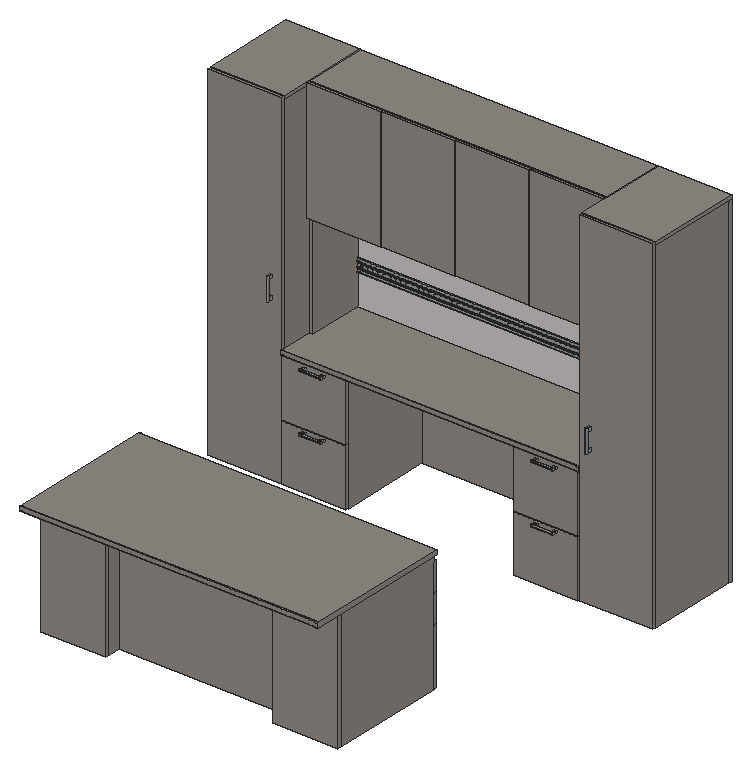
Revit family "JSI-Vision-Typical_Veneer-VSV104", category Furniture, Revit 2020 (continued)
Definition of nested family "JSI-Vision-Wardrobe"
  Dimensions and locks (in)
    aligned and locked: Extrusion 7 to plane 38
    aligned and locked: Extrusion 8 to plane 38
    aligned and locked: plane 43 to Extrusion 9 sketch curve
    aligned and locked: Extrusion 9 sketch curve to plane 42
    aligned and locked: plane 9 to Extrusion 9 sketch curve
    aligned and locked: Extrusion 9 sketch curve to plane 7
    aligned and locked: Extrusion 9 to plane 15
    aligned and locked: plane 16 to Extrusion 9
    aligned and locked: plane 45 to Extrusion 7
    aligned and locked: plane 45 to Extrusion 8
    aligned and locked: Extrusion 11 sketch curve to plane 23
    aligned and locked: plane 24 to Extrusion 11 sketch curve
    aligned and locked: plane 9 to Extrusion 11 sketch curve
    aligned and locked: Extrusion 11 sketch curve to plane 11
    aligned and locked: plane 13 to Extrusion 11
    aligned and locked: plane 13 to Extrusion 12
    aligned and locked: Extrusion 10 to plane 9
    aligned and locked: plane 50 to nested 3
    aligned and locked: plane 49 to nested 2
    aligned and locked: plane 48 to nested 3
    aligned and locked: plane 48 to nested 2
    aligned and locked: plane 43 to Extrusion 10
    aligned and locked: plane 43 to Extrusion 13
    aligned and locked: Extrusion 13 to plane 9
    aligned and locked: plane 40 to nested 3
    aligned and locked: plane 40 to nested 2
    aligned and locked: Extrusion 16 sketch curve to plane 29
    aligned and locked: plane 30 to Extrusion 16 sketch curve
    aligned and locked: plane 9 to Extrusion 16 sketch curve
    aligned and locked: Extrusion 16 sketch curve to plane 11
    aligned and locked: plane 13 to Extrusion 16
    aligned and locked: Extrusion 17 sketch curve to plane 51
    aligned and locked: plane 52 to Extrusion 17 sketch curve
    aligned and locked: Extrusion 17 sketch curve to plane 11
    aligned and locked: plane 9 to Extrusion 17 sketch curve
    aligned and locked: plane 13 to Extrusion 17
    aligned and locked: plane 53 to Extrusion 12
    aligned and locked: plane 53 to Extrusion 11
    aligned and locked: plane 53 to Extrusion 17
    aligned and locked: plane 53 to Extrusion 16
    aligned and locked: curve 1 to Extrusion 4
    aligned and locked: curve 2 to Extrusion 4
    aligned and locked: curve 3 to Extrusion 4
    aligned and locked: curve 4 to Extrusion 4
    aligned and locked: curve 5 to Extrusion 7
    aligned and locked: curve 6 to Extrusion 7
    aligned and locked: curve 7 to Extrusion 7
    aligned and locked: curve 8 to Extrusion 7
    aligned and locked: curve 9 to Extrusion 8
    aligned and locked: curve 10 to Extrusion 8
    aligned and locked: curve 11 to Extrusion 8
    aligned and locked: curve 12 to Extrusion 8
  Automatic sketch dimensions
    Extrusion 12 sketch curve to plane 46 = 0"
    Extrusion 12 sketch curve to plane 47 = 0"
    Extrusion 10 sketch curve to Extrusion 10 sketch curve = 3/4"
    Extrusion 13 sketch curve to Extrusion 13 sketch curve = 3/4"
    Extrusion 14 sketch curve to Extrusion 14 sketch curve = 3/4"
    Extrusion 15 sketch curve to Extrusion 15 sketch curve = 3/4"
    Extrusion 18 sketch curve to Extrusion 18 sketch curve = 3/4"
  Nested families (in)
    nested 1: "Label 1-16 OH" at (17.9375, -23.875, 0), type "OH DOORS"
    nested 2: "Vertical Bar Pull" at (20.5, -23.875, 41.84375), Pull Finish <- "Pull Finish", visible <- "Right Door", type "PL"
      with Pull Finish none
    nested 3: "Vertical Bar Pull" at (15.375, -23.875, 41.84375), Pull Finish <- "Pull Finish", visible <- "Left Door", type "PL"
      with Pull Finish none
  Definition of nested family "Vertical Bar Pull"
    Parameters
      Pull Finish [instance] = none
      Default Elevation = 0"
    Reference planes (in)
      plane 1 "Center Front/Back": y = 0
      plane 2: z = 0
      plane 3 "Center Left/Right": x = 0
      plane 4: x = -2.68731
      plane 5: x = -1.88731
      plane 6: x = 2.68731
      plane 7: x = 1.88731
      plane 8: y = -1
      plane 9: y = -0.85202
      plane 10: z = 2.68731
      plane 11: z = 1.88731
      plane 12: z = -1.88731
      plane 13: z = -2.68731
    Forms (in)
      Extrusion 1, solid, material <- "Pull Finish"
        sketch origin (0, 0, 0) x (0, 1, 0) y (-1, 0, 0)
          loop
            line (0, -0.2015) -> (0, 0.2015) -> (-0.85202, 0.2015)
            arc (-0.85202, 0.2015) -> (-0.75, 0) -> (-0.85202, -0.2015) r 0.25
            line (-0.85202, -0.2015) -> (0, -0.2015)
        from 1.88731 to 2.68731
      Extrusion 2, solid, material <- "Pull Finish"
        sketch origin (0, 0, 0) x (0, 1, 0) y (-1, 0, 0)
          loop
            circle (-1, 0) r 0.25
        from -2.68731 to 2.68731
      Extrusion 3, solid, material <- "Pull Finish"
        sketch origin (0, 0, 0) x (1, 0, 0) y (0, 1, 0)
          loop
            line (0.2015, 0) -> (-0.2015, 0) -> (-0.2015, -0.85202)
            arc (-0.2015, -0.85202) -> (0, -0.75) -> (0.2015, -0.85202) r 0.25
            line (0.2015, -0.85202) -> (0.2015, 0)
        from 1.88731 to 2.68731
      Extrusion 4, solid, material <- "Pull Finish"
        sketch origin (0, 0, -4.57462) x (1, 0, 0) y (0, 1, 0)
          loop
            line (0.2015, 0) -> (-0.2015, 0) -> (-0.2015, -0.85202)
            arc (-0.2015, -0.85202) -> (0, -0.75) -> (0.2015, -0.85202) r 0.25
            line (0.2015, -0.85202) -> (0.2015, 0)
        from 1.88731 to 2.68731
    Dimensions and locks (in)
      plane 4 to plane 5 to plane 3 "Center Left/Right" to plane 7 to plane 6 = 0.8" locked, 1.88731" locked, 1.88731" locked, 0.8" locked
      plane 8 to plane 9 to plane 1 "Center Front/Back" = 0.14798" locked, 0.85202" locked
      plane 13 to plane 12 to plane 2 to plane 11 to plane 10 = 0.8" locked, 1.88731" locked, 1.88731" locked, 0.8" locked
      plane 1 "Center Front/Back" to plane 9 to plane 8 = 0.85202" locked, 0.14798" locked
      aligned and locked: level to plane 2
      aligned and locked: plane 8 to Extrusion 2 sketch curve
      aligned and locked: Extrusion 3 to plane 1 "Center Front/Back"
      aligned and locked: Extrusion 1 to plane 1 "Center Front/Back"
      aligned and locked: Extrusion 4 to plane 1 "Center Front/Back"
      aligned and locked: Extrusion 3 to plane 10
      aligned and locked: Extrusion 3 to plane 11
      aligned and locked: Extrusion 2 to plane 10
      aligned and locked: Extrusion 2 to plane 13
      aligned and locked: Extrusion 4 to plane 13
      aligned and locked: Extrusion 4 to plane 12
      aligned and locked: plane 1 "Center Front/Back" to Extrusion 4
      aligned and locked: plane 1 "Center Front/Back" to Extrusion 3
      aligned and locked: Extrusion 4 to plane 9
      aligned and locked: Extrusion 3 to plane 9
  Definition of nested family "Label 1-16 OH"
    Parameters
      Width = 1"
      Model Name = "Storage/Wardrobe"
    Reference planes (in)
      plane 1: y = 0
      plane 2: x = 0
    Text (in)
      label "XX" at (0.00051, -0.12324, 0), shows "Model Name"
Definition of nested family "JSI-Vision-Kneespace_Credenza"
  Parameters (values of type "Type Catalog")
    Worksurface = none
    Width = 72"
    URL = "www.jsifurniture.com"
    Type Comments = ""
    Tag = "FF"
    Series = "Vision Casegoods"  # constant formula
    Pull Finish = none
    Model = "Type Catalog"
    Material = ""
    Manufacturer = "JSI"  # constant formula
    Keynote = "12500"
    JSI Enviromental Website = "http://www.jsifurniture.com/jsi_sustainability_intro.php"
    Height = 29 3/16"
    Grommet Finish = none
    Drawer Front = none
    Description = "Type Catalog"
    Depth = 24"
    Default Elevation = 0"
    Chassis = none
    Assembly Code = "E2020200"
  Reference planes (in)
    plane 1 "Center Front/Back": y = 0
    plane 2: z = 0
    plane 3 "Center Left/Right": x = 0
    plane 4: z = 0
    plane 5: x = 72
    plane 6: y = -24
    plane 7: x = 0.125
    plane 8: x = 0.875
    plane 9: y = -0.1875
    plane 10: y = -0.9375
    plane 11: x = 36
    plane 12: z = 28.00209
    plane 13: z = 29.18959
    plane 14: x = 71.875
    plane 15: x = 71.125
    plane 16: x = 15.3725
    plane 17: x = 15.69544
    plane 18: x = 15.7475
    plane 19: x = 15.7475
    plane 20: x = 14.9975
    plane 21: x = 0.18544
    plane 22: x = 56.2525
    plane 23: x = 57.0025
    plane 24: x = 71.81456
    plane 25: x = 7.93625
    plane 26: x = 24.3775
    plane 27: x = 41.625
    plane 28: x = 64.06375
    plane 29: x = 56.6275
    plane 30: x = 56.315
    plane 31: y = -22.9375
    plane 32: y = -22.1875
  Forms (in)
    Extrusion 1, solid, material <- "Chassis"
      sketch origin (0.125, -0.1875, 48) x (0, 1, 0) y (0, 0, 1)
        loop
          line (-0.75, -19.99791) -> (-1.2439, -19.99791) -> (-23.0625, -19.99791) -> (-23.0625, -48) -> (-0.75, -48) -> (-0.75, -19.99791)
      from 0 to 0.75
    Extrusion 2, solid, material <- "Chassis"
      sketch origin (0, 0, 0) x (1, 0, 0) y (0, 0, 1)
        loop
          line (0.125, 28.00209) -> (0.125, 0) -> (71.875, 0) -> (71.875, 28.00209) -> (35.98302, 28.00209) -> (0.125, 28.00209)
      from 0.1875 to 0.9375
    Extrusion 3, solid, material <- "Worksurface"
      sketch origin (0.125, -0.1875, 48) x (0, 1, 0) y (0, 0, 1)
        loop
          line (0.1875, -18.81041) -> (-23.6875, -18.81041)
          arc (-23.6875, -18.81041) -> (-23.77589, -18.84702) -> (-23.8125, -18.93541) r 0.125
          line (-23.8125, -18.93541) -> (-23.8125, -19.87291)
          arc (-23.8125, -19.87291) -> (-23.77589, -19.9613) -> (-23.6875, -19.99791) r 0.125
          line (-23.6875, -19.99791) -> (0.1875, -19.99791) -> (0.1875, -18.81041)
      from -0.125 to 71.875
    Extrusion 4, solid, material <- "Chassis"
      sketch origin (0.125, -0.1875, 48) x (0, 1, 0) y (0, 0, 1)
        loop
          line (-22.75, -46.125) -> (-22.75, -48) -> (-22, -48) -> (-22, -46.125) -> (-22.75, -46.125)
      from 0.75 to 14.8725
    Extrusion 5, solid, material <- "Chassis"
      sketch origin (71.875, -0.1875, 48) x (0, 1, 0) y (0, 0, -1)
        loop
          line (-0.75, 19.99791) -> (-0.75, 48) -> (-23.0625, 48) -> (-23.0625, 19.99791) -> (-1.40724, 19.99791) -> (-0.75, 19.99791)
      from 0 to 0.75
    Extrusion 6, solid, material <- "Chassis"
      sketch origin (14.9975, 4.36144, 48) x (0, 1, 0) y (0, 0, 1)
        loop
          line (-27.61144, -19.99791) -> (-27.61144, -48) -> (-5.29894, -48) -> (-5.29894, -19.99791) -> (-27.61144, -19.99791)
      from 0 to 0.75
    Extrusion 7, solid, material <- "Drawer Front"
      sketch origin (0.18544, -23.25, 48) x (0, 1, 0) y (0, 0, 1)
        loop
          line (0, -20.10902) -> (-0.75, -20.10902) -> (-0.75, -33.9375) -> (0, -33.9375) -> (0, -20.10902)
        loop
          line (0, -34.0625) -> (-0.75, -34.0625) -> (-0.75, -47.86) -> (0, -47.86) -> (0, -34.0625)
      from 0 to 15.51
    Extrusion 8, solid, material <- "Chassis"
      sketch origin (57.0025, 6.04894, 48) x (0, 1, 0) y (0, 0, -1)
        loop
          line (-29.29894, 19.99791) -> (-6.98644, 19.99791) -> (-6.98644, 48) -> (-29.29894, 48) -> (-29.29894, 19.99791)
      from 0 to 0.75
    Extrusion 9, solid, material <- "Drawer Front"
      sketch origin (71.81456, -23.25, 48) x (0, 1, 0) y (0, 0, -1)
        loop
          line (0, 20.10902) -> (0, 33.9375) -> (-0.75, 33.9375) -> (-0.75, 20.10902) -> (0, 20.10902)
        loop
          line (0, 34.0625) -> (0, 47.86) -> (-0.75, 47.86) -> (-0.75, 34.0625) -> (0, 34.0625)
      from 0 to 15.49956
    Extrusion 10, solid, material <- "Chassis"
      sketch origin (65.875, -0.1875, 48) x (0, 1, 0) y (0, 0, -1)
        loop
          line (-22.75, 46.125) -> (-22, 46.125) -> (-22, 48) -> (-22.75, 48) -> (-22.75, 46.125)
      from -5.25 to 8.8725
  Lines and regions (in)
    symbolic lines
      curve 1: line (0, -24, 0) -> (72, -24, 0)
      curve 2: line (0, 0, 0) -> (0, -24, 0)
      curve 3: line (72, 0, 0) -> (0, 0, 0)
      curve 4: line (72, -24, 0) -> (72, 0, 0)
      curve 5: line (15.3725, -24, 0) -> (15.3725, 0, 0)
      curve 6: line (56.6275, -24, 0) -> (56.6275, 0, 0)
  Dimensions and locks (in)
    "Depth": plane 1 "Center Front/Back" to plane 6
    "Width": plane 3 "Center Left/Right" to plane 5
    plane 10 to plane 9 to plane 1 "Center Front/Back" = 3/4" locked, 3/16" locked
    plane 13 to level = 29.18959"
    equal spacing: plane 3 "Center Left/Right", plane 11, plane 5
    locked: plane 12 to plane 13 at 1.1875
    locked: plane 3 "Center Left/Right" to plane 19 at 15.7475
    locked: plane 22 to plane 5 at 15.7475
    equal spacing: plane 8, plane 25, plane 20
    plane 3 "Center Left/Right" to plane 7 to plane 21 to plane 8 = 1/8" locked, 0.06044" locked, 0.68956" locked
    plane 20 to plane 16 to plane 17 to plane 19 = 3/8" locked, 0.32294" locked, 0.05206" locked
    equal spacing: plane 23, plane 28, plane 15
    plane 15 to plane 24 to plane 14 to plane 5 = 0.68956" locked, 0.06044" locked, 1/8" locked
    plane 22 to plane 30 to plane 29 to plane 23 = 1/16" locked, 5/16" locked, 3/8" locked
    plane 32 to plane 31 to plane 6 = 3/4" locked, 1 1/16" locked
    Extrusion 7 sketch curve to Extrusion 7 sketch curve to Extrusion 7 sketch curve to plane 4 = 1/8", 13.7975", 0.14" locked
    locked: Extrusion 7 sketch curve to plane 12 at 0.11111
    locked: Extrusion 7 to nested 1 at 0.75
    Extrusion 7 to nested 2 = 0.73629"
    locked: Extrusion 9 to nested 3 at 0.75
    Extrusion 9 to nested 4 = 0.73629"
    plane 4 to Extrusion 9 sketch curve to Extrusion 9 sketch curve to Extrusion 9 sketch curve = 0.14" locked, 13.7975", 1/8"
    plane 13 to plane 4 = 29.18959"
    aligned and locked: level to plane 2
    aligned and locked: plane 8 to Extrusion 1
    aligned and locked: plane 5 to Extrusion 3
    aligned and locked: Extrusion 3 to plane 3 "Center Left/Right"
    aligned and locked: Extrusion 5 to plane 15
    aligned and locked: Extrusion 4 to plane 8
    aligned and locked: Extrusion 6 to plane 19
    aligned and locked: plane 22 to Extrusion 8
    aligned and locked: plane 25 to nested 1
    aligned and locked: plane 25 to nested 2
    aligned and locked: nested 1 to plane 6
    aligned and locked: nested 2 to plane 6
    aligned and locked: nested 3 to plane 28
    aligned and locked: nested 4 to plane 28
    aligned and locked: plane 6 to nested 3
    aligned and locked: plane 6 to nested 4
    aligned and locked: plane 25 to nested 5
    aligned and locked: nested 5 to nested 1
    aligned and locked: nested 6 to plane 28
    aligned and locked: nested 3 to nested 6
    aligned and locked: curve 2 to plane 3 "Center Left/Right"
    aligned and locked: plane 5 to curve 4
    aligned and locked: curve 1 to plane 6
    aligned and locked: curve 3 to plane 1 "Center Front/Back"
    aligned and locked: plane 16 to curve 5
    aligned and locked: curve 6 to plane 29
    aligned and locked: plane 20 to Extrusion 4
    aligned and locked: Extrusion 1 to Extrusion 6
    aligned and locked: Extrusion 8 to Extrusion 5
    aligned and locked: plane 10 to Extrusion 8
    aligned and locked: plane 10 to Extrusion 6
    aligned and locked: Extrusion 4 to plane 31
    aligned and locked: plane 32 to Extrusion 4 sketch curve
    aligned and locked: Extrusion 10 to plane 31
    aligned and locked: plane 32 to Extrusion 10
    aligned and locked: plane 23 to Extrusion 10
    aligned and locked: Extrusion 10 to plane 15
    aligned and locked: plane 24 to Extrusion 9
    aligned and locked: plane 30 to Extrusion 9
  Automatic sketch dimensions
    plane 12 to Extrusion 1 sketch curve = 0"
    Extrusion 1 sketch curve to level = 0"
    Extrusion 1 sketch curve to plane 10 = 0"
    Extrusion 1 sketch curve to Extrusion 1 sketch curve = 0.4939"
    Extrusion 1 sketch curve to plane 31 = 5/16"
    Extrusion 2 sketch curve to level = 0"
    Extrusion 2 sketch curve to plane 7 = 0"
    Extrusion 2 sketch curve to plane 12 = 0"
    Extrusion 2 sketch curve to plane 14 = 0"
    Extrusion 3 sketch curve to plane 6 = 0"
    plane 12 to Extrusion 3 sketch curve = 0"
    Extrusion 3 sketch curve to plane 13 = 0"
    Extrusion 3 sketch curve to plane 1 "Center Front/Back" = 0"
    plane 6 to Extrusion 3 sketch curve = 1/8"  (x2)
    Extrusion 4 sketch curve to level = 0"
    Extrusion 4 sketch curve to plane 31 = 0"
    level to Extrusion 4 sketch curve = 1 7/8"
    plane 12 to Extrusion 5 sketch curve = 0"
    Extrusion 5 sketch curve to level = 0"
    Extrusion 5 sketch curve to plane 10 = 0"
    plane 10 to Extrusion 5 sketch curve = 0.65724"
    plane 31 to Extrusion 5 sketch curve = 5/16"
    Extrusion 6 sketch curve to level = 0"
    plane 12 to Extrusion 6 sketch curve = 0"
    Extrusion 6 sketch curve to plane 10 = 0"
    Extrusion 6 sketch curve to plane 31 = 5/16"
    Extrusion 7 sketch curve to plane 6 = 0"  (x2)
    Extrusion 7 sketch curve to plane 31 = 5/16"
    Extrusion 7 sketch curve to Extrusion 7 sketch curve = 0"
    Extrusion 8 sketch curve to level = 0"
    plane 12 to Extrusion 8 sketch curve = 0"
    Extrusion 8 sketch curve to plane 10 = 0"
    plane 31 to Extrusion 8 sketch curve = 5/16"
    Extrusion 9 sketch curve to plane 6 = 0"  (x2)
    Extrusion 9 sketch curve to plane 12 = 0.11111"
    plane 31 to Extrusion 9 sketch curve = 5/16"
    Extrusion 9 sketch curve to Extrusion 9 sketch curve = 0"
    Extrusion 10 sketch curve to level = 0"
    plane 31 to Extrusion 10 sketch curve = 0"
    plane 32 to Extrusion 10 sketch curve = 0"
    level to Extrusion 10 sketch curve = 1 7/8"
    plane 11 to Extrusion 2 sketch curve = 0.01698"
  Nested families (in)
    nested 1: "Bar Pull" at (7.93625, -24, 27.14098), Pull Finish <- "Pull Finish", type "PL"
      with Pull Finish none
    nested 2: "Bar Pull" at (7.93625, -24, 13.20121), Pull Finish <- "Pull Finish", type "PL"
      with Pull Finish none
    nested 3: "Bar Pull" at (64.06375, -24, 27.14098) x (-1, 0, 0) z (0, 0, 1), Pull Finish <- "Pull Finish", type "PL"
      with Pull Finish none
    nested 4: "Bar Pull" at (64.06375, -24, 13.20121) x (-1, 0, 0) z (0, 0, 1), Pull Finish <- "Pull Finish", type "PL"
      with Pull Finish none
    nested 5: "Label 1-16" at (7.93625, -24.85202, 0), type "DRWCFG"
    nested 6: "Label 1-16" at (64.06375, -24.85202, 0), type "DRWCFG"
  Definition of nested family "Bar Pull"
    Parameters
      Pull Finish [instance] = none
      Default Elevation = 0"
    Reference planes (in)
      plane 1 "Center Front/Back": y = 0
      plane 2: z = 0
      plane 3 "Center Left/Right": x = 0
      plane 4: x = -2.68731
      plane 5: x = -1.88731
      plane 6: x = 2.68731
      plane 7: x = 1.88731
      plane 8: y = -1
      plane 9: y = -0.85202
    Forms (in)
      Extrusion 1, solid, material <- "Pull Finish"
        sketch origin (0, 0, 0) x (0, 1, 0) y (0, 0, 1)
          loop
            line (0, -0.2015) -> (0, 0.2015) -> (-0.85202, 0.2015)
            arc (-0.85202, 0.2015) -> (-0.75, 0) -> (-0.85202, -0.2015) r 0.25
            line (-0.85202, -0.2015) -> (0, -0.2015)
        from 1.88731 to 2.68731
      Extrusion 2, solid, material <- "Pull Finish"
        sketch origin (0, 0, 0) x (0, 1, 0) y (0, 0, 1)
          loop
            circle (-1, 0) r 0.25
        from -2.68731 to 2.68731
      Extrusion 3, solid, material <- "Pull Finish"
        sketch origin (0, 0, 0) x (0, 1, 0) y (0, 0, -1)
          loop
            line (0, 0.2015) -> (-0.85202, 0.2015)
            arc (-0.85202, 0.2015) -> (-0.75, 0) -> (-0.85202, -0.2015) r 0.25
            line (-0.85202, -0.2015) -> (0, -0.2015) -> (0, 0.2015)
        from 1.88731 to 2.68731
    Dimensions and locks (in)
      plane 4 to plane 5 to plane 3 "Center Left/Right" to plane 7 to plane 6 = 0.8" locked, 1.88731" locked, 1.88731" locked, 0.8" locked
      plane 8 to plane 9 to plane 1 "Center Front/Back" = 0.14798" locked, 0.85202" locked
      aligned and locked: level to plane 2
      aligned and locked: plane 4 to Extrusion 3
      aligned and locked: Extrusion 3 to plane 5
      aligned and locked: plane 4 to Extrusion 2
      aligned and locked: Extrusion 1 to plane 7
      aligned and locked: plane 6 to Extrusion 1
      aligned and locked: plane 6 to Extrusion 2
      aligned and locked: plane 8 to Extrusion 2 sketch curve
      aligned and locked: Extrusion 3 to plane 1 "Center Front/Back"
      aligned and locked: Extrusion 1 to plane 1 "Center Front/Back"
      aligned and locked: plane 5 to Extrusion 3
      aligned and locked: Extrusion 3 to plane 4
      aligned and locked: Extrusion 2 to plane 4
      aligned and locked: plane 7 to Extrusion 1
      aligned and locked: Extrusion 1 to plane 6
      aligned and locked: Extrusion 2 to plane 6
  Definition of nested family "Label 1-16"
    Parameters
      Width = 1"
      Model Name = "BF"
    Reference planes (in)
      plane 1: y = 0
      plane 2: x = 0
    Text (in)
      label "XX" at (0.00051, -0.12324, 0), shows "Model Name"
Definition of nested family "JSI-Vision-Double_Pedestal_Desk-Break_Front_Modesty"
  Parameters (values of type "Dbl Ped, Brk Frnt Mod - Type Catalog Family")
    Worksurface = none
    Width = 72"
    URL = "www.servex-us.com"
    Type Comments = ""
    Tag 2 = "FF"  # constant formula
    Tag = "BBF"  # constant formula
    Series = "Vision Casegoods"  # constant formula
    Pull Finish = none
    Model = "Type Catalog"
    Material = ""
    Manufacturer = "JSI"  # constant formula
    Keynote = "12500"  # constant formula
    JSI Enviromental Website = "http://www.svxfurniture.com/svx_sustainability_intro.php"
    Height = 29 3/16"
    Grommet Finish = none
    Drawer Front = none
    Description = "Type Catalog"
    Depth chassis = 36"
    Depth = 36"
    Default Elevation = 0"
    Chassis = none
    Assembly Code = "E2020200"
  Reference planes (in)
    plane 1: z = 0
    plane 2 "Center (Left/Right)": x = -36.06413
    plane 3: z = 29.1875
    plane 4: z = 28
    plane 5: y = -25.25
    plane 6 "Center (Front/Back)": y = 10.75
    plane 7: y = 10.625
    plane 8: y = 10.75
    plane 9: x = -0.06413
    plane 10: x = 35.93587
    plane 11: y = 10.625
    plane 12: x = -20.31413
    plane 13: x = 20.18587
    plane 14: x = 28.06087
    plane 15: x = -28.18913
    plane 16: x = 35.81086
    plane 17: x = -35.93913
    plane 18: y = 0.56325
    plane 19: y = -24.31113
    plane 20: x = -35.93913
    plane 21: x = 20.31087
    plane 22: x = -20.43886
    plane 23: x = 35.80987
  Forms (in)
    Extrusion 1, solid, material <- "Worksurface"
      sketch origin (0, 0, 0) x (1, 0, 0) y (0, 1, 0)
        loop
          line (-36.06413, -25.125) -> (35.93587, -25.125) -> (35.93587, 10.625) -> (-36.06413, 10.625) -> (-36.06413, -25.125)
      from 28 to 29.1875
    Extrusion 2, solid, material <- "Chassis"
      sketch origin (0, 3.75, 0) x (1, 0, 0) y (0, 1, 0)
        loop
          line (-20.31413, -3.18675) -> (-20.31413, -3.93675) -> (20.18587, -3.93675) -> (20.18587, -3.18675) -> (-20.31413, -3.18675)
      from 0 to 28
    Extrusion 3, solid, material <- "Drawer Front"
      sketch origin (-0.00163, 6.13, 0) x (1, 0, 0) y (0, 0, 1)
        loop
          line (-35.9375, 27.87992) -> (-35.9375, 21.03992) -> (-20.43723, 21.03992) -> (-20.43723, 27.87992) -> (-35.9375, 27.87992)
        loop
          line (-35.9375, 20.91492) -> (-35.9375, 14.07492) -> (-20.43723, 14.07492) -> (-20.43723, 20.91492) -> (-35.9375, 20.91492)
        loop
          line (-35.9375, 13.94992) -> (-35.9375, 0.14) -> (-20.43723, 0.14) -> (-20.43723, 13.94992) -> (-35.9375, 13.94992)
      from 30.44113 to 31.19125
    Extrusion 4, solid, material <- "Chassis"
      sketch origin (-0.06413, 0, 0) x (0, 1, 0) y (0, 0, 1)
        loop
          line (-24.31113, 28) -> (-24.31113, 0) -> (3.81325, 0) -> (3.81325, 28) -> (-24.31113, 28)
      from -35.875 to -35.125
    Extrusion 5, solid, material <- "Chassis"
      sketch origin (-0.06413, 0.034, 0) x (1, 0, 0) y (0, 0, 1)
        loop
          line (-35.125, 1.9375) -> (-35.125, 0) -> (-21, 0) -> (-21, 1.9375) -> (-35.125, 1.9375)
      from 23.59513 to 24.34513
    Extrusion 6, solid, material <- "Drawer Front"
      sketch origin (-0.1898, 6.13, 0) x (1, 0, 0) y (0, 0, 1)
        loop
          line (20.50066, 27.87992) -> (20.50066, 14.07793) -> (35.99966, 14.07793) -> (35.99966, 27.87992) -> (20.50066, 27.87992)
        loop
          line (20.50066, 13.94992) -> (20.50066, 0.14) -> (35.99966, 0.14) -> (35.99966, 13.94992) -> (20.50066, 13.94992)
      from 30.5 to 31.25
    Extrusion 7, solid, material <- "Chassis"
      sketch origin (-0.06029, 0, 0) x (0, 1, 0) y (0, 0, -1)
        loop
          line (-24.31113, -28) -> (3.81325, -28) -> (3.81325, 0) -> (-24.31113, 0) -> (-24.31113, -28)
      from -35.87116 to -35.12116
    Sweep 8, solid, material <- "Worksurface"
      path in 3D
        loop
          line (-36.06413, -25.125, 29.1875) -> (35.93587, -25.125, 29.1875)
      profile origin (-0.06413, -25.125, 29.1875) x (0, 1, 0) y (0, 0, 1)
        loop
          arc (0, 0) -> (-0.08839, -0.03661) -> (-0.125, -0.125) r 0.125
          line (-0.125, -0.125) -> (-0.125, -1.0625)
          arc (-0.125, -1.0625) -> (-0.08839, -1.15089) -> (0, -1.1875) r 0.125
          line (0, -1.1875) -> (0, 0)
    Extrusion 9, solid, material <- "Chassis"
      sketch origin (-0.06413, 0.034, 0) x (-1, 0, 0) y (0, 0, -1)
        loop
          line (-35.125, -1.9375) -> (-21, -1.9375) -> (-21, 0) -> (-35.125, 0) -> (-35.125, -1.9375)
      from 23.59513 to 24.34513
    Sweep 10, solid, material <- "Worksurface"
      path in 3D
        loop
          line (35.93587, 10.625, 29.1875) -> (-36.06413, 10.625, 29.1875)
      profile origin (-0.06413, 10.625, 29.1875) x (0, -1, 0) y (0, 0, 1)
        loop
          arc (0, 0) -> (-0.08839, -0.03661) -> (-0.125, -0.125) r 0.125
          line (-0.125, -0.125) -> (-0.125, -1.0625)
          arc (-0.125, -1.0625) -> (-0.08839, -1.15089) -> (0, -1.1875) r 0.125
          line (0, -1.1875) -> (0, 0)
    Extrusion 11, solid, material <- "Chassis"
      sketch origin (-56.18913, 0, 0) x (0, 1, 0) y (0, 0, -1)
        loop
          line (-24.31113, -28) -> (3.81325, -28) -> (3.81325, 0) -> (-24.31113, 0) -> (-24.31113, -28)
      from -35.875 to -35.125
    Extrusion 12, solid, material <- "Chassis"
      sketch origin (80.05703, 0, 0) x (0, 1, 0) y (0, 0, 1)
        loop
          line (-24.31113, 28) -> (-24.31113, 0) -> (3.81325, 0) -> (3.81325, 28) -> (-24.31113, 28)
      from -59.87116 to -59.12116
    Extrusion 13, solid, material <- "Chassis"
      sketch origin (0, 0, 0) x (1, 0, 0) y (0, 1, 0)
        loop
          line (-35.93913, 4.56325) -> (-35.93913, 3.81325) -> (-20.31413, 3.81325) -> (-20.31413, 4.56325) -> (-35.93913, 4.56325)
      from 0 to 28
    Extrusion 14, solid, material <- "Chassis"
      sketch origin (11.87173, 0, 0) x (-1, 0, 0) y (0, -1, 0)
        loop
          line (-23.93913, -4.56325) -> (-8.31413, -4.56325) -> (-8.31413, -3.81325) -> (-23.93913, -3.81325) -> (-23.93913, -4.56325)
      from 0 to 28
  Cuts and joins
    joined: Extrusion 1, Sweep 8, Sweep 10
  Lines and regions (in)
    sketch lines
      curve 1: line (-36.06413, -25.125, 29.1875) -> (35.93587, -25.125, 29.1875)
      curve 5: line (35.93587, 10.625, 29.1875) -> (-36.06413, 10.625, 29.1875)
    symbolic lines
      curve 2: line (35.93587, -25.25, 0) -> (-36.06413, -25.25, 0)
      curve 3: line (35.93587, -25.25, 0) -> (35.93587, 10.75, 0)
      curve 4: line (-36.06413, 10.75, 0) -> (-36.06413, -25.25, 0)
      curve 6: line (-36.06413, 10.75, 0) -> (35.93587, 10.75, 0)
      curve 7: line (20.18587, 0.56325, 0) -> (-20.31413, 0.56325, 0)
      curve 8: line (-20.31413, -0.18675, 0) -> (20.18587, -0.18675, 0)
      curve 9: line (-20.31413, -24.31113, 0) -> (-20.31413, 4.56325, 0)
      curve 10: line (-35.93913, 4.56325, 0) -> (-35.93913, -24.31113, 0)
      curve 11: line (-20.31413, 4.56325, 0) -> (-35.93913, 4.56325, 0)
      curve 12: line (-35.93913, -24.31113, 0) -> (-20.31413, -24.31113, 0)
      curve 13: line (-35.93913, -24.37, 0) -> (-35.93913, -25.12, 0)
      curve 14: line (-35.93913, -25.12, 0) -> (-20.43886, -25.12, 0)
      curve 15: line (-20.43886, -25.12, 0) -> (-20.43886, -24.37, 0)
      curve 16: line (-20.43886, -24.37, 0) -> (-35.93913, -24.37, 0)
      curve 17: line (20.18587, 4.56325, 0) -> (20.18587, -24.31113, 0)
      curve 18: line (35.81086, -24.31113, 0) -> (35.81086, 4.56325, 0)
      curve 19: line (35.81086, 4.56325, 0) -> (20.18587, 4.56325, 0)
      curve 20: line (20.18587, -24.31113, 0) -> (35.81086, -24.31113, 0)
      curve 21: line (35.80987, -24.37, 0) -> (20.31087, -24.37, 0)
      curve 22: line (20.31087, -24.37, 0) -> (20.31087, -25.12, 0)
      curve 23: line (20.31087, -25.12, 0) -> (35.80987, -25.12, 0)
      curve 24: line (35.80987, -25.12, 0) -> (35.80987, -24.37, 0)
      curve 25: line (-35.93913, 3.81325, 0) -> (-20.31413, 3.81325, 0)
      curve 26: line (-35.25163, 3.81325, 0) -> (-35.25163, -24.31113, 0)
      curve 27: line (-21.12663, 3.81325, 0) -> (-21.12663, -24.31113, 0)
      curve 28: line (20.18587, 3.81325, 0) -> (35.81086, 3.81325, 0)
      curve 29: line (35.12337, 3.81325, 0) -> (35.12337, -24.37, 0)
      curve 30: line (20.99837, 3.81325, 0) -> (20.99837, -24.31113, 0)
  Dimensions and locks (in)
    "Height": plane 3 to level
    locked: plane 3 to plane 4 at 1.1875
    "Depth": plane 6 "Center (Front/Back)" to plane 5
    locked: plane 7 to plane 6 "Center (Front/Back)" at 0.125
    equal spacing: plane 2 "Center (Left/Right)", plane 9, plane 10
    "Width": plane 2 "Center (Left/Right)" to plane 10
    locked: plane 8 to plane 11 at 0.125
    locked: plane 2 "Center (Left/Right)" to plane 12 at 15.75
    locked: plane 16 to plane 10 at 0.125
    locked: Extrusion 7 to Extrusion 7 at 0.75
    locked: Extrusion 4 to Extrusion 4 at 0.75
    locked: Extrusion 2 to Extrusion 2 at 0.75
    locked: plane 19 to plane 5 at 0.93887
    locked: Extrusion 5 to Extrusion 5 at 0.75
    locked: Extrusion 9 to Extrusion 9 at 0.75
    "Depth chassis": plane 8 to plane 5
    locked: plane 20 to plane 15 at 7.75
    locked: plane 21 to plane 14 at 7.75
    plane 8 to plane 18 to Extrusion 2 = 10.18675" locked, 3/4" locked
    locked: Extrusion 11 to Extrusion 11 at 0.75
    locked: Extrusion 12 to Extrusion 12 at 0.75
    locked: Extrusion 13 to Extrusion 13 at 0.75
    locked: Extrusion 14 to Extrusion 14 at 0.75
    locked: plane 20 to plane 22 at 15.50027
    locked: plane 21 to plane 23 at 15.499
    plane 13 to plane 21 = 1/8"
    Extrusion 3 sketch curve to Extrusion 3 sketch curve to Extrusion 3 sketch curve to Extrusion 3 sketch curve to Extrusion 3 sketch curve to Extrusion 3 sketch curve to plane 1 = 6.84" locked, 1/8" locked, 6.84" locked, 1/8" locked, 13.80992" locked, 0.14" locked
    locked: Extrusion 3 to nested 3 at 0.75
    locked: Extrusion 3 to nested 2 at 0.75
    locked: Extrusion 3 to nested 1 at 0.75
    equal spacing: plane 13, plane 14, plane 10
    locked: plane 13 to plane 10 at 15.75
    equal spacing: plane 2 "Center (Left/Right)", plane 15, plane 12
    locked: Extrusion 6 to nested 5 at 0.75
    locked: Extrusion 6 to nested 4 at 0.75
    aligned and locked: level to plane 1
    aligned and locked: curve 4 to Extrusion 1
    aligned and locked: Extrusion 4 to Extrusion 5
    aligned and locked: Extrusion 5 to Extrusion 2
    aligned and locked: Extrusion 2 to Extrusion 7
    aligned and locked: Extrusion 5 to Extrusion 4  (x2)
    aligned and locked: plane 16 to Extrusion 7
    aligned and locked: plane 17 to Extrusion 4
    aligned and locked: plane 18 to Extrusion 2
    aligned and locked: Extrusion 7 to plane 19
    aligned and locked: Extrusion 5 to plane 19
    aligned and locked: Extrusion 4 to plane 19  (x2)
    aligned and locked: Extrusion 5 to level
    aligned and locked: Extrusion 7 to Extrusion 9
    aligned and locked: Extrusion 9 to plane 19
    aligned and locked: Extrusion 1 to plane 7
    aligned and locked: plane 6 "Center (Front/Back)" to curve 6
    aligned and locked: nested 3 to plane 15
    aligned and locked: nested 2 to plane 15
    aligned and locked: nested 1 to plane 15
    aligned and locked: plane 14 to nested 5
    aligned and locked: plane 14 to nested 4
    aligned and locked: Extrusion 6 to plane 21  (x5)
    aligned and locked: Extrusion 3 to plane 20  (x6)
    aligned and locked: plane 12 to Extrusion 2
    aligned and locked: Extrusion 11 to plane 12
    aligned and locked: Extrusion 11 to plane 19
    aligned and locked: Extrusion 12 to plane 13
    aligned and locked: Extrusion 12 to plane 19
    aligned and locked: plane 13 to Extrusion 2
    aligned and locked: plane 17 to Extrusion 13
    aligned and locked: Extrusion 13 to plane 12
    aligned and locked: plane 4 to Extrusion 13
    aligned and locked: Extrusion 12 to Extrusion 14
    aligned and locked: Extrusion 7 to Extrusion 14
    aligned and locked: Extrusion 5 to Extrusion 11
    aligned and locked: Extrusion 9 to Extrusion 12
    aligned and locked: Extrusion 9 to Extrusion 7
    aligned and locked: Extrusion 3 to plane 22
    aligned and locked: Extrusion 6 to plane 23
    aligned and locked: plane 22 to Extrusion 3  (x3)
    aligned and locked: plane 23 to Extrusion 6  (x2)
    aligned and locked: curve 7 to Extrusion 2
    aligned and locked: curve 8 to Extrusion 2
    aligned and locked: curve 9 to Extrusion 11
    aligned and locked: curve 10 to Extrusion 4
    aligned and locked: curve 12 to Extrusion 5
    aligned and locked: Extrusion 3 to curve 13
    aligned and locked: curve 15 to Extrusion 3
    aligned and locked: curve 17 to Extrusion 12
    aligned and locked: curve 18 to Extrusion 7
    aligned and locked: curve 19 to Extrusion 14
    aligned and locked: curve 20 to Extrusion 9
    aligned and locked: curve 21 to Extrusion 6
    aligned and locked: curve 22 to Extrusion 6
    aligned and locked: curve 23 to Extrusion 6
    aligned and locked: curve 24 to Extrusion 6
    aligned and locked: nested 7 to plane 15
    aligned and locked: plane 14 to nested 6
    aligned and locked: nested 7 to plane 5
    aligned and locked: nested 4 to nested 6
    aligned and locked: nested 6 to plane 5
    aligned and locked: Extrusion 7 sketch curve to Extrusion 4
    aligned and locked: plane 4 to Extrusion 7 sketch curve
    aligned and locked: curve 25 to Extrusion 13
    aligned and locked: curve 11 to Extrusion 13
    aligned and locked: Extrusion 14 to curve 28
    aligned and locked: plane 4 to Sweep 8 sketch curve
    aligned and locked: plane 3 to Sweep 8 sketch curve
    aligned and locked: cut or joined group of Extrusion 1, Sweep 8, Sweep 10 to plane 4
    aligned and locked: plane 3 to cut or joined group of Extrusion 1, Sweep 8, Sweep 10
    aligned and locked: plane 4 to Extrusion 14
    aligned and locked: plane 4 to Extrusion 2
    aligned and locked: plane 19 to Extrusion 3
    aligned and locked: Extrusion 4 to Extrusion 13
    aligned and locked: Extrusion 11 to Extrusion 13
    aligned and locked: Extrusion 6 sketch curve to Extrusion 3
    aligned and locked: Extrusion 3 to nested 3
    aligned and locked: Extrusion 3 to nested 2
    aligned and locked: Extrusion 3 to nested 1
    aligned and locked: Extrusion 3 to nested 4
  Automatic sketch dimensions
    Extrusion 1 sketch curve to plane 2 "Center (Left/Right)" = 0"
    Extrusion 1 sketch curve to plane 10 = 0"
    plane 7 to Extrusion 1 sketch curve = 0"
    plane 5 to Extrusion 1 sketch curve = 1/8"
    Extrusion 2 sketch curve to plane 12 = 0"
    Extrusion 2 sketch curve to plane 13 = 0"
    Extrusion 2 sketch curve to plane 18 = 0"
    Extrusion 4 sketch curve to plane 4 = 0"
    Extrusion 4 sketch curve to plane 19 = 0"
    Extrusion 4 sketch curve to level = 0"
    Extrusion 4 sketch curve to plane 11 = 6.81175"
    Extrusion 5 sketch curve to level = 0"
    plane 20 to Extrusion 5 sketch curve = 3/4"
    plane 12 to Extrusion 5 sketch curve = 3/4"
    level to Extrusion 5 sketch curve = 1 15/16"
    Extrusion 6 sketch curve to plane 21 = 0"  (x2)
    Extrusion 6 sketch curve to plane 16 = 0.001"  (x2)
    Extrusion 6 sketch curve to Extrusion 6 sketch curve = 13.80992"
    Extrusion 6 sketch curve to Extrusion 6 sketch curve = 0.128"
    Extrusion 6 sketch curve to plane 4 = 0.12007"
    Extrusion 7 sketch curve to plane 19 = 0"
    Extrusion 7 sketch curve to level = 0"
    Sweep 8 sketch curve to profile plane = 0"
    profile plane to Sweep 8 sketch curve = 1/8"
    Extrusion 9 sketch curve to level = 0"
    Extrusion 9 sketch curve to plane 16 = 3/4"
    plane 21 to Extrusion 9 sketch curve = 5/8"
    level to Extrusion 9 sketch curve = 1 15/16"
    Sweep 10 sketch curve to profile plane = 0"  (x2)
    profile plane to Sweep 10 sketch curve = 1/8"
    Sweep 10 sketch curve to Sweep 10 sketch curve = 15/16"
    Extrusion 11 sketch curve to plane 4 = 0"
    Extrusion 11 sketch curve to plane 19 = 0"
    Extrusion 11 sketch curve to level = 0"
    Extrusion 11 sketch curve to plane 11 = 6.81175"
    Extrusion 12 sketch curve to plane 4 = 0"
    Extrusion 12 sketch curve to plane 19 = 0"
    Extrusion 12 sketch curve to level = 0"
    Extrusion 12 sketch curve to plane 11 = 6.81175"
    Extrusion 13 sketch curve to plane 17 = 0"
    Extrusion 13 sketch curve to plane 12 = 0"
    Extrusion 13 sketch curve to Extrusion 13 sketch curve = 3/4"
    Extrusion 14 sketch curve to plane 16 = 0"
    Extrusion 14 sketch curve to plane 11 = 6.06175"
    Extrusion 14 sketch curve to plane 13 = 0"
    Extrusion 14 sketch curve to plane 11 = 6.81175"
    curve 2 to plane 2 "Center (Left/Right)" = 0"
    curve 10 to plane 17 = 0"
    curve 16 to plane 20 = 0"
    curve 26 to plane 19 = 0"
    curve 14 to plane 22 = 0"
    curve 12 to plane 12 = 0"
    curve 17 to plane 13 = 0"
    curve 22 to plane 21 = 0"
    curve 30 to plane 19 = 0"
    curve 21 to plane 23 = 0"
    curve 18 to plane 16 = 0"
    curve 6 to plane 10 = 0"
    curve 2 to plane 5 = 0"
    curve 7 to plane 18 = 0"
    plane 7 to curve 18 = 6.06175"
    plane 5 to curve 14 = 0.13"
    plane 5 to curve 22 = 0.13"
    plane 20 to curve 26 = 11/16"
    curve 27 to plane 22 = 0.68777"
    plane 21 to curve 30 = 11/16"
    curve 29 to plane 23 = 0.6865"
    curve 8 to curve 7 = 3/4"
    Extrusion 2 sketch curve to plane 18 = 3/4"
    curve 22 to plane 19 = 0.05887"
    curve 16 to plane 19 = 0.05887"
    Extrusion 3 sketch curve to plane 20 = 0"  (x3)
    Extrusion 3 sketch curve to plane 22 = 0"  (x3)
    plane 18 to Extrusion 13 sketch curve = 3 1/4"
  Nested families (in)
    nested 1: "Bar Pull" at (-28.18913, -25.06125, 13.19992), Pull Finish <- "Pull Finish", type "PL"
      with Pull Finish none
    nested 2: "Bar Pull" at (-28.18913, -25.06125, 20.16492), Pull Finish <- "Pull Finish", type "PL"
      with Pull Finish none
    nested 3: "Bar Pull" at (-28.18913, -25.06125, 27.12992), Pull Finish <- "Pull Finish", type "PL"
      with Pull Finish none
    nested 4: "Bar Pull" at (28.06087, -25.06125, 13.19992), Pull Finish <- "Pull Finish", type "PL"
      with Pull Finish none
    nested 5: "Bar Pull" at (28.06087, -25.06125, 27.12992), Pull Finish <- "Pull Finish", type "PL"
      with Pull Finish none
    nested 6: "Label 1-16" at (28.06087, -25.25, 0), type "DRWCFG 2"
    nested 7: "Label 1-16" at (-28.18913, -25.25, 0), type "DRWCFG"
  Definition of nested family "Bar Pull"
    Parameters
      Pull Finish [instance] = none
      Default Elevation = 0"
    Reference planes (in)
      plane 1 "Center Front/Back": y = 0
      plane 2: z = 0
      plane 3 "Center Left/Right": x = 0
      plane 4: x = -2.68731
      plane 5: x = -1.88731
      plane 6: x = 2.68731
      plane 7: x = 1.88731
      plane 8: y = -1
      plane 9: y = -0.85202
    Forms (in)
      Extrusion 1, solid, material <- "Pull Finish"
        sketch origin (0, 0, 0) x (0, 1, 0) y (0, 0, 1)
          loop
            line (0, -0.2015) -> (0, 0.2015) -> (-0.85202, 0.2015)
            arc (-0.85202, 0.2015) -> (-0.75, 0) -> (-0.85202, -0.2015) r 0.25
            line (-0.85202, -0.2015) -> (0, -0.2015)
        from 1.88731 to 2.68731
      Extrusion 2, solid, material <- "Pull Finish"
        sketch origin (0, 0, 0) x (0, 1, 0) y (0, 0, 1)
          loop
            circle (-1, 0) r 0.25
        from -2.68731 to 2.68731
      Extrusion 3, solid, material <- "Pull Finish"
        sketch origin (0, 0, 0) x (0, 1, 0) y (0, 0, -1)
          loop
            line (0, 0.2015) -> (-0.85202, 0.2015)
            arc (-0.85202, 0.2015) -> (-0.75, 0) -> (-0.85202, -0.2015) r 0.25
            line (-0.85202, -0.2015) -> (0, -0.2015) -> (0, 0.2015)
        from 1.88731 to 2.68731
    Dimensions and locks (in)
      plane 4 to plane 5 to plane 3 "Center Left/Right" to plane 7 to plane 6 = 0.8" locked, 1.88731" locked, 1.88731" locked, 0.8" locked
      plane 8 to plane 9 to plane 1 "Center Front/Back" = 0.14798" locked, 0.85202" locked
      aligned and locked: level to plane 2
      aligned and locked: plane 4 to Extrusion 3
      aligned and locked: Extrusion 3 to plane 5
      aligned and locked: plane 4 to Extrusion 2
      aligned and locked: Extrusion 1 to plane 7
      aligned and locked: plane 6 to Extrusion 1
      aligned and locked: plane 6 to Extrusion 2
      aligned and locked: plane 8 to Extrusion 2 sketch curve
      aligned and locked: Extrusion 3 to plane 1 "Center Front/Back"
      aligned and locked: Extrusion 1 to plane 1 "Center Front/Back"
      aligned and locked: plane 5 to Extrusion 3
      aligned and locked: Extrusion 3 to plane 4
      aligned and locked: Extrusion 2 to plane 4
      aligned and locked: plane 7 to Extrusion 1
      aligned and locked: Extrusion 1 to plane 6
      aligned and locked: Extrusion 2 to plane 6
  Definition of nested family "Label 1-16"
    Parameters
      Width = 1"
      Model Name = "BBF"
    Reference planes (in)
      plane 1: y = 0
      plane 2: x = 0
    Text (in)
      label "XX" at (0.00051, -0.12324, 0), shows "Model Name"
